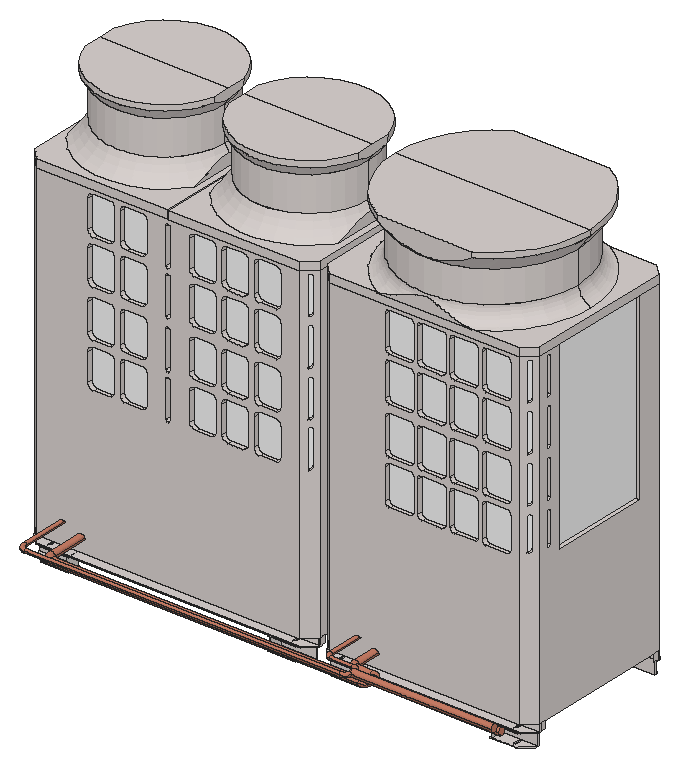
Revit family "PURY-EP650YSNW-A1", category 機械設備, Revit 2016 (continued)
Definition of nested family "PURY-EP300YNW-A1"
  Nested families
    nested 7: "ATTACHMENT LEG" at (374, 349, 0) x (-1, 0, 0) z (0, 0, 1), type "ATTACHMENT LEG"
  Connectors
    piping at (-217, -189, 176), diameter 22.2, driven by "Gas pipe_radius"
      settings: on Extrusion 18, index 3, connector inside diameter 22.2 mm, connector length 0.000 mm, flow factor 0, pipe flow 0.0 L/s, pressure drop 0.0 Pa, fitting loss kfactor 0, connector angle 0.00°, fixture units 0, engagement length 0.000 mm, angle of deflection 0.00°, flow configuration 0, flow direction 0, fitting loss method 0, system type 22, joint type 0, gender type 0, connector reference index -1, connector utility 0, adjustable connector no, is connector primary yes, connector description "Refrigerant service valve (gas)"
    piping at (-300, -172, 176), diameter 9.52, driven by "Liquid pipe_radius"
      settings: on Extrusion 19, index 4, connector inside diameter 9.52 mm, connector length 0.000 mm, flow factor 0, pipe flow 0.0 L/s, pressure drop 0.0 Pa, fitting loss kfactor 0, connector angle 0.00°, fixture units 0, engagement length 0.000 mm, angle of deflection 0.00°, flow configuration 0, flow direction 0, fitting loss method 0, system type 22, joint type 0, gender type 0, connector reference index -1, connector utility 0, adjustable connector no, is connector primary no, connector description "Refrigerant service valve (Liquid)"
    electrical at (0, -370, 808)
      settings: on cut or joined group of Extrusion 1, Extrusion 2, Extrusion 3, Extrusion 4, Extrusion 5, Extrusion 6, Extrusion 7, Extrusion 8, Extrusion 9, Extrusion 10, Extrusion 11, Extrusion 12, Extrusion 13, Extrusion 14, Extrusion 15, Extrusion 16, Extrusion 17, Extrusion 20, Extrusion 21, Extrusion 22, Extrusion 23, Extrusion 24, Extrusion 25, Extrusion 26, Extrusion 27, Extrusion 28, Extrusion 29, Extrusion 30, Extrusion 31, Extrusion 32, index 5, voltage 415 V, apparent load 0 VA, apparent load phase1 0 VA, apparent load phase2 0 VA, apparent load phase3 0 VA, power factor 1, load classification none, number of poles 3, system type 30, power factor state 1, is connector primary yes, connector utility no, sub classification motor no, connector description ""
  Definition of nested family "FAN GUARD"
    Parameters
      WIDTH [instance] = 920.000 mm
    Reference planes
      plane 1 "中心(正面/背面)": y = 0
      plane 2: z = 0
      plane 3 "中心(左/右)": x = 0
      plane 4 "ファンガード基準面": z = 660
      plane 5: y = 370
      plane 6: y = -370
      plane 7: x = 460
      plane 8: x = -460
      plane 9 "ファンガード基準上面": z = 694
      plane 10 "ファンガード上面": z = 997
    Forms (mm)
      Extrusion 1, solid
        sketch origin (0, 0, 660) x (-1, 0, 0) y (0, -1, 0)
          loop
            line (410, -370) -> (460, -320) -> (460, 320) -> (410, 370) -> (-410, 370) -> (-460, 320) -> (-460, -320) -> (-410, -370) -> (410, -370)
        from 0 to 34
      Revolve 2, solid
        sketch origin (0, 0, 0) x (1, 0, 0) y (0, 0, 1)
          loop
            line (0, 694) -> (0, 997) -> (-423, 997) -> (-423, 973) -> (-368.829, 903.664) -> (-368.829, 764.141)
            arc (-368.829, 764.141) -> (-384.109, 719.678) -> (-423.494, 694) r 72.332
            line (-423.494, 694) -> (0, 694)
          axis (0, 997) -> (0, 694)
        angle from 0 to 360
      Extrusion 3, void
        sketch origin (0, 0, 694) x (-1, 0, 0) y (0, -1, 0)
          loop
            line (345, -370) -> (-345, -370) -> (-345, -545) -> (345, -545) -> (345, -370)
          loop
            line (345, 370) -> (345, 539.592) -> (-345, 539.592) -> (-345, 370) -> (345, 370)
        from 0 to 400
    Cuts and joins
      Extrusion 3 cuts Revolve 2
    Lines and regions (mm)
      model lines
        curve 1: line (-423, 0, 997) -> (-80, 0, 997)
        curve 2: line (80, 0, 997) -> (423, 0, 997)
        curve 3: circle (0, 0, 997) r 80 normal (0, 0, 1)
        curve 4: line (-415.366, -80, 997) -> (415.366, -80, 997)
        curve 5: line (-391.572, -160, 997) -> (391.572, -160, 997)
        curve 6: line (-348.323, -240, 997) -> (348.323, -240, 997)
        curve 7: line (-276.639, -320, 997) -> (276.639, -320, 997)
        curve 8: line (-415.366, 80, 997) -> (415.366, 80, 997)
        curve 9: line (-391.572, 160, 997) -> (391.572, 160, 997)
        curve 10: line (-348.323, 240, 997) -> (348.323, 240, 997)
        curve 11: line (-276.639, 320, 997) -> (276.639, 320, 997)
        curve 12: line (0, 370, 997) -> (0, -370, 997)
        curve 13: line (-20, 370, 997) -> (-20, -370, 997)
        curve 14: line (-40, 370, 997) -> (-40, -370, 997)
        curve 15: line (-60, 370, 997) -> (-60, -370, 997)
        curve 16: line (-80, 370, 997) -> (-80, -370, 997)
        curve 17: line (20, 370, 997) -> (20, -370, 997)
        curve 18: line (40, 370, 997) -> (40, -370, 997)
        curve 19: line (60, 370, 997) -> (60, -370, 997)
        curve 20: line (80, 370, 997) -> (80, -370, 997)
        curve 21: line (100, 370, 997) -> (100, -370, 997)
        curve 22: line (120, 370, 997) -> (120, -370, 997)
        curve 23: line (140, 370, 997) -> (140, -370, 997)
        curve 24: line (160, 370, 997) -> (160, -370, 997)
        curve 25: line (180, 370, 997) -> (180, -370, 997)
        curve 26: line (200, 370, 997) -> (200, -370, 997)
        curve 27: line (220, 361.288, 997) -> (220, -361.288, 997)
        curve 28: line (240, 348.323, 997) -> (240, -348.323, 997)
        curve 29: line (260, 333.66, 997) -> (260, -333.66, 997)
        curve 30: line (280, 317.063, 997) -> (280, -317.063, 997)
        curve 31: line (300, 298.21, 997) -> (300, -298.21, 997)
        curve 32: line (320, 276.639, 997) -> (320, -276.639, 997)
        curve 33: line (340, 251.653, 997) -> (340, -251.653, 997)
        curve 34: line (360, 222.101, 997) -> (360, -222.101, 997)
        curve 35: line (380, 185.82, 997) -> (380, -185.82, 997)
        curve 36: line (400, 137.583, 997) -> (400, -137.583, 997)
        curve 37: line (420, 50.289, 997) -> (420, -50.289, 997)
        curve 38: line (-100, 370, 997) -> (-100, -370, 997)
        curve 39: line (-120, 370, 997) -> (-120, -370, 997)
        curve 40: line (-140, 370, 997) -> (-140, -370, 997)
        curve 41: line (-160, 370, 997) -> (-160, -370, 997)
        curve 42: line (-180, 370, 997) -> (-180, -370, 997)
        curve 43: line (-200, 370, 997) -> (-200, -370, 997)
        curve 44: line (-220, 361.288, 997) -> (-220, -361.288, 997)
        curve 45: line (-240, 348.323, 997) -> (-240, -348.323, 997)
        curve 46: line (-260, 333.66, 997) -> (-260, -333.66, 997)
        curve 47: line (-280, 317.063, 997) -> (-280, -317.063, 997)
        curve 48: line (-300, 298.21, 997) -> (-300, -298.21, 997)
        curve 49: line (-320, 276.639, 997) -> (-320, -276.639, 997)
        curve 50: line (-340, 251.653, 997) -> (-340, -251.653, 997)
        curve 51: line (-360, 222.101, 997) -> (-360, -222.101, 997)
        curve 52: line (-380, 185.82, 997) -> (-380, -185.82, 997)
        curve 53: line (-400, 137.583, 997) -> (-400, -137.583, 997)
        curve 54: line (-420, 50.289, 997) -> (-420, -50.289, 997)
        curve 55: line (10, 79.373, 997) -> (10, -79.373, 997)
        curve 56: line (-10, 79.373, 997) -> (-10, -79.373, 997)
        curve 57: line (30, 74.162, 997) -> (30, -74.162, 997)
        curve 58: line (50, 62.45, 997) -> (50, -62.45, 997)
        curve 59: line (70, 38.73, 997) -> (70, -38.73, 997)
        curve 60: line (-30, 74.162, 997) -> (-30, -74.162, 997)
        curve 61: line (-50, 62.45, 997) -> (-50, -62.45, 997)
        curve 62: line (-70, 38.73, 997) -> (-70, -38.73, 997)
    Dimensions and locks
      "WIDTH": plane 8 to plane 7
      locked: plane 6 to plane 5 at 740
      equal spacing: plane 8, plane 3 "中心(左/右)", plane 7
      equal spacing: plane 6, plane 1 "中心(正面/背面)", plane 5
      plane 3 "中心(左/右)" to Revolve 2 sketch curve = 423.000 mm
      locked: plane 10 "ファンガード上面" to plane 9 "ファンガード基準上面" at 303
      aligned and locked: level to plane 2
      aligned and locked: plane 5 to Extrusion 1 sketch curve
      aligned and locked: Extrusion 1 sketch curve to plane 6
      aligned and locked: plane 8 to Extrusion 1 sketch curve
      aligned and locked: plane 7 to Extrusion 1 sketch curve
      aligned and locked: plane 9 "ファンガード基準上面" to Extrusion 1
      aligned and locked: plane 4 "ファンガード基準面" to Extrusion 1
      aligned and locked: plane 9 "ファンガード基準上面" to Revolve 2 sketch curve
      aligned and locked: Revolve 2 sketch curve to plane 3 "中心(左/右)"
      aligned and locked: Extrusion 1 to Extrusion 3 sketch curve
      aligned and locked: Extrusion 3 sketch curve to Extrusion 1
      aligned and locked: cut or joined group of Revolve 2, Extrusion 3 to plane 10 "ファンガード上面"
    Automatic sketch dimensions
      Extrusion 1 sketch curve to plane 7 = 50.000 mm  (x2)
      plane 8 to Extrusion 1 sketch curve = 50.000 mm  (x2)
      plane 5 to Extrusion 1 sketch curve = 50.000 mm  (x2)
      Extrusion 1 sketch curve to plane 6 = 50.000 mm  (x2)
      plane 3 "中心(左/右)" to Extrusion 3 sketch curve = 345.000 mm  (x2)
      Extrusion 3 sketch curve to plane 3 "中心(左/右)" = 345.000 mm  (x2)
      Extrusion 3 sketch curve to Extrusion 3 sketch curve = 175.000 mm
      Extrusion 3 sketch curve to Extrusion 3 sketch curve = 169.592 mm
      plane 1 "中心(正面/背面)" to curve 2 = 0.000 mm
      plane 1 "中心(正面/背面)" to curve 3 = 0.000 mm
      curve 3 to plane 3 "中心(左/右)" = 0.000 mm
      curve 12 to plane 3 "中心(左/右)" = 0.000 mm
      plane 1 "中心(正面/背面)" to curve 1 = 0.000 mm
      plane 3 "中心(左/右)" to curve 55 = 10.000 mm
      curve 17 to curve 12 = 20.000 mm
      curve 57 to curve 55 = 20.000 mm
      curve 18 to curve 17 = 20.000 mm
      curve 58 to curve 57 = 20.000 mm
      curve 19 to curve 18 = 20.000 mm
      curve 59 to curve 58 = 20.000 mm
      curve 20 to curve 19 = 20.000 mm
      curve 2 to curve 59 = 10.000 mm
      curve 21 to curve 20 = 20.000 mm
      curve 22 to curve 21 = 20.000 mm
      curve 23 to curve 22 = 20.000 mm
      curve 24 to curve 23 = 20.000 mm
      curve 25 to curve 24 = 20.000 mm
      curve 26 to curve 25 = 20.000 mm
      curve 27 to curve 26 = 20.000 mm
      curve 28 to curve 27 = 20.000 mm
      curve 29 to curve 28 = 20.000 mm
      curve 11 to curve 29 = 16.639 mm
      curve 7 to curve 29 = 16.639 mm
      curve 30 to curve 7 = 3.361 mm
      curve 31 to curve 30 = 20.000 mm
      curve 32 to curve 31 = 20.000 mm
      curve 33 to curve 32 = 20.000 mm
      curve 6 to curve 33 = 8.323 mm
      curve 10 to curve 33 = 8.323 mm
      curve 34 to curve 10 = 11.677 mm
      curve 35 to curve 34 = 20.000 mm
      curve 9 to curve 35 = 11.572 mm
      curve 5 to curve 35 = 11.572 mm
      curve 36 to curve 9 = 8.428 mm
      curve 8 to curve 36 = 15.366 mm
      curve 4 to curve 36 = 15.366 mm
      curve 37 to curve 8 = 4.634 mm
      curve 2 to curve 37 = 3.000 mm
      curve 56 to plane 3 "中心(左/右)" = 10.000 mm
      curve 13 to plane 3 "中心(左/右)" = 20.000 mm
      curve 56 to curve 60 = 20.000 mm
      curve 13 to curve 14 = 20.000 mm
      curve 60 to curve 61 = 20.000 mm
      curve 14 to curve 15 = 20.000 mm
      curve 61 to curve 62 = 20.000 mm
      curve 15 to curve 16 = 20.000 mm
      curve 16 to curve 38 = 20.000 mm
      curve 38 to curve 39 = 20.000 mm
      curve 39 to curve 40 = 20.000 mm
      curve 40 to curve 41 = 20.000 mm
      curve 41 to curve 42 = 20.000 mm
      curve 42 to curve 43 = 20.000 mm
      curve 43 to curve 44 = 20.000 mm
      curve 44 to curve 45 = 20.000 mm
      curve 45 to curve 46 = 20.000 mm
      curve 46 to curve 7 = 16.639 mm
      curve 46 to curve 11 = 16.639 mm
      curve 7 to curve 47 = 3.361 mm
      curve 47 to curve 48 = 20.000 mm
      curve 48 to curve 49 = 20.000 mm
      curve 49 to curve 50 = 20.000 mm
      curve 50 to curve 6 = 8.323 mm
      curve 50 to curve 10 = 8.323 mm
      curve 10 to curve 51 = 11.677 mm
      curve 51 to curve 52 = 20.000 mm
      curve 52 to curve 9 = 11.572 mm
      curve 52 to curve 5 = 11.572 mm
      curve 5 to curve 53 = 8.428 mm
      curve 53 to curve 4 = 15.366 mm
      curve 53 to curve 8 = 15.366 mm
      curve 4 to curve 54 = 4.634 mm
      curve 54 to curve 1 = 3.000 mm
      curve 8 to plane 1 "中心(正面/背面)" = 80.000 mm
      curve 36 to curve 8 = 57.583 mm
      curve 53 to curve 8 = 57.583 mm
      curve 9 to curve 36 = 22.417 mm
      curve 52 to curve 9 = 25.820 mm
      curve 35 to curve 9 = 25.820 mm
      curve 51 to curve 52 = 36.282 mm
      curve 34 to curve 35 = 36.282 mm
      curve 10 to curve 51 = 17.899 mm
      curve 33 to curve 10 = 11.653 mm
      curve 50 to curve 10 = 11.653 mm
      curve 49 to curve 50 = 24.986 mm
      curve 32 to curve 33 = 24.986 mm
      curve 48 to curve 49 = 21.571 mm
      curve 31 to curve 32 = 21.571 mm
      curve 47 to curve 48 = 18.853 mm
      curve 30 to curve 31 = 18.853 mm
      curve 11 to curve 30 = 2.937 mm
      curve 29 to curve 11 = 13.660 mm
      curve 46 to curve 11 = 13.660 mm
      curve 28 to curve 29 = 14.663 mm
      curve 45 to curve 46 = 14.663 mm
      curve 44 to curve 45 = 12.965 mm
      curve 27 to curve 28 = 12.965 mm
      curve 12 to curve 27 = 8.712 mm
      curve 12 to curve 21 = 0.000 mm
      curve 13 to curve 12 = 0.000 mm
      curve 14 to curve 13 = 0.000 mm  (x2)
      curve 12 to curve 18 = 0.000 mm
      curve 21 to curve 23 = 0.000 mm
      curve 43 to curve 44 = 8.712 mm
      curve 23 to curve 24 = 0.000 mm  (x2)
      curve 43 to curve 42 = 0.000 mm  (x2)
      curve 24 to curve 25 = 0.000 mm  (x2)
      curve 42 to curve 41 = 0.000 mm  (x2)
      curve 25 to curve 26 = 0.000 mm  (x2)
      curve 41 to curve 40 = 0.000 mm  (x2)
      curve 20 to curve 21 = 0.000 mm  (x2)
      curve 40 to curve 39 = 0.000 mm  (x2)
      curve 15 to curve 14 = 0.000 mm
      curve 39 to curve 38 = 0.000 mm
      curve 38 to curve 16 = 0.000 mm  (x2)
      curve 18 to curve 19 = 0.000 mm  (x2)
      curve 12 to curve 17 = 0.000 mm  (x2)
      curve 21 to curve 22 = 0.000 mm  (x2)
      curve 8 to curve 37 = 29.711 mm
      curve 8 to curve 54 = 29.711 mm
      plane 1 "中心(正面/背面)" to curve 37 = 50.289 mm
      plane 1 "中心(正面/背面)" to curve 54 = 50.289 mm
      curve 37 to curve 4 = 29.711 mm
      curve 4 to curve 36 = 57.583 mm
      curve 4 to curve 53 = 57.583 mm
      curve 36 to curve 5 = 22.417 mm
      curve 5 to curve 52 = 25.820 mm
      curve 5 to curve 35 = 25.820 mm
      curve 35 to curve 34 = 36.282 mm
      curve 52 to curve 51 = 36.282 mm
      curve 51 to curve 6 = 17.899 mm
      curve 6 to curve 50 = 11.653 mm
      curve 6 to curve 33 = 11.653 mm
      curve 50 to curve 49 = 24.986 mm
      curve 33 to curve 32 = 24.986 mm
      curve 49 to curve 48 = 21.571 mm
      curve 32 to curve 31 = 21.571 mm
      curve 48 to curve 47 = 18.853 mm
      curve 31 to curve 30 = 18.853 mm
      curve 30 to curve 7 = 2.937 mm
      curve 7 to curve 46 = 13.660 mm
      curve 7 to curve 29 = 13.660 mm
      curve 29 to curve 28 = 14.663 mm
      curve 46 to curve 45 = 14.663 mm
      curve 45 to curve 44 = 12.965 mm
      curve 28 to curve 27 = 12.965 mm
      curve 44 to curve 13 = 8.712 mm
      curve 27 to curve 23 = 8.712 mm
      curve 15 to curve 13 = 0.000 mm
      curve 44 to curve 42 = 8.712 mm
      curve 16 to curve 15 = 0.000 mm
      curve 22 to curve 23 = 0.000 mm
      curve 13 to curve 17 = 0.000 mm
      curve 17 to curve 19 = 0.000 mm
      Revolve 2 sketch curve to plane 3 "中心(左/右)" = 0.000 mm
      Revolve 2 sketch curve to plane 10 "ファンガード上面" = 0.000 mm
      plane 9 "ファンガード基準上面" to Revolve 2 sketch curve = 70.141 mm
      Revolve 2 sketch curve to Revolve 2 sketch curve = 18.161 mm
      Revolve 2 sketch curve to level = 1700.815 mm
      Revolve 2 sketch curve to plane 10 "ファンガード上面" = 93.336 mm
      Revolve 2 sketch curve to plane 10 "ファンガード上面" = 24.000 mm
      Revolve 2 sketch curve to Revolve 2 sketch curve = 790.769 mm
      Revolve 2 sketch curve to Revolve 2 sketch curve = 17.668 mm
  Definition of nested family "BASE LEG"
    Parameters
      Width [instance] = 920.000 mm
    Reference planes
      plane 1 "中心(正面/背面)": y = 0
      plane 2: z = 0
      plane 3 "中心(左/右)": x = 0
      plane 4: x = 460
      plane 5: x = -460
      plane 6: x = -380
      plane 7: x = 380
      plane 8: y = -18
      plane 9: y = 39
      plane 10: z = 53
      plane 11: y = 42
      plane 12: y = 27
      plane 13: x = 415
      plane 14: x = -415
      plane 15: z = 8
      plane 16: y = 11.5
      plane 17: z = 35
    Forms (mm)
      Extrusion 1, solid
        sketch origin (0, 0, 0) x (0, 1, 0) y (0, 0, 1)
          loop
            line (-18, 0) -> (36, 0) -> (36, 32) -> (56, 32) -> (56, 35) -> (33, 35) -> (33, 3) -> (-18, 3) -> (-18, 0)
        from -460 to 460
      Extrusion 2, void
        sketch origin (0, 0, 0) x (1, 0, 0) y (0, 1, 0)
          loop
            line (415, -18) -> (460, -18) -> (460, 27) -> (415, -18)
          loop
            line (-415, -18) -> (-460, 27) -> (-460, -18) -> (-415, -18)
        from 0 to 250
      Extrusion 3, void
        sketch origin (0, 12.023, 0) x (1, 0, 0) y (0, 1, 0)
          loop
            arc (373, -2.971) -> (380, -9.971) -> (387, -2.971) r 7
            line (387, -2.971) -> (387, 3.023)
            arc (387, 3.023) -> (380, 10.023) -> (373, 3.023) r 7
            line (373, 3.023) -> (373, -2.971)
          loop
            line (-373, -2.971) -> (-373, 3.023)
            arc (-373, 3.023) -> (-380, 10.023) -> (-387, 3.023) r 7
            line (-387, 3.023) -> (-387, -2.971)
            arc (-387, -2.971) -> (-380, -9.971) -> (-373, -2.971) r 7
        from 0 to 250
      Extrusion 4, solid
        sketch origin (0, 0, -3) x (1, 0, 0) y (0, 0, 1)
          loop
            line (457, 8) -> (460, 8) -> (460, 35) -> (457, 35) -> (457, 8)
          loop
            line (-457, 8) -> (-457, 35) -> (-460, 35) -> (-460, 8) -> (-457, 8)
        from -36 to -56
      Extrusion 5, solid
        sketch origin (150, 352, 0) x (1, 0, 0) y (0, 1, 0)
          loop
            line (310, -319) -> (305, -319) -> (305, -320) -> (255, -370) -> (260, -370) -> (310, -320) -> (310, -319)
        from 3 to 35
      Extrusion 6, void
        sketch origin (410, -18, 0) x (0.707107, 0.707107, 0) y (0, 0, 1)
          loop
            line (70.711, 3) -> (-6.741, 39.767) -> (-6.741, 3) -> (70.711, 3)
        from -190.256 to 23.776
      Extrusion 7, solid
        sketch origin (-150, 352, 0) x (-1, 0, 0) y (0, -1, 0)
          loop
            line (310, 319) -> (310, 320) -> (260, 370) -> (255, 370) -> (305, 320) -> (305, 319) -> (310, 319)
        from 3 to 35
      Extrusion 8, void
        sketch origin (-410, -18, 0) x (0.707107, -0.707107, 0) y (0, 0, -1)
          loop
            line (-70.711, -3) -> (0, -35) -> (6.741, -35) -> (6.741, -3) -> (-70.711, -3)
        from -190.256 to 23.776
    Cuts and joins
      Extrusion 2, Extrusion 3 cuts Extrusion 1
      joined: Extrusion 1, Extrusion 4
      Extrusion 8 cuts Extrusion 7
      Extrusion 6 cuts Extrusion 5
    Dimensions and locks
      "Width": plane 5 to plane 4
      equal spacing: plane 5, plane 3 "中心(左/右)", plane 4
      locked: plane 5 to plane 6 at 80
      locked: plane 7 to plane 4 at 80
      locked: plane 8 to plane 9 at 57
      locked: plane 10 to level at 53
      locked: plane 9 to plane 11 at 3
      plane 8 to plane 12 = 45.000 mm
      locked: plane 13 to plane 4 at 45
      locked: plane 5 to plane 14 at 45
      equal spacing: Extrusion 3 sketch curve, plane 7, Extrusion 3 sketch curve
      equal spacing: Extrusion 3 sketch curve, plane 6, Extrusion 3 sketch curve
      locked: plane 10 to plane 15 at 45
      locked: cut or joined group of Extrusion 1, Extrusion 2, Extrusion 3, Extrusion 4 to Extrusion 4 sketch curve at 3  (x2)
      locked: plane 8 to plane 16 at 29.5
      plane 8 to plane 11 = 60.000 mm
      cut or joined group of Extrusion 1, Extrusion 2, Extrusion 3, Extrusion 4 to cut or joined group of Extrusion 1, Extrusion 2, Extrusion 3, Extrusion 4 = 35.000 mm
      aligned and locked: level to plane 2
      aligned and locked: plane 8 to Extrusion 1 sketch curve
      aligned and locked: plane 4 to Extrusion 1
      aligned and locked: Extrusion 1 to plane 5
      aligned and locked: Extrusion 2 sketch curve to plane 4
      aligned and locked: Extrusion 2 sketch curve to plane 8
      aligned and locked: plane 12 to Extrusion 2 sketch curve
      aligned and locked: plane 13 to Extrusion 2 sketch curve
      aligned and locked: plane 4 to Extrusion 4 sketch curve
      aligned and locked: plane 5 to Extrusion 4 sketch curve
      aligned and locked: cut or joined group of Extrusion 7, Extrusion 8 to cut or joined group of Extrusion 1, Extrusion 2, Extrusion 3, Extrusion 4
    Automatic sketch dimensions
      Extrusion 3 sketch curve to plane 1 "中心(正面/背面)" = 9.052 mm  (x2)
      Extrusion 3 sketch curve to plane 7 = 7.000 mm
      Extrusion 3 sketch curve to plane 1 "中心(正面/背面)" = 15.046 mm  (x2)
      Extrusion 3 sketch curve to plane 6 = 7.000 mm
      Extrusion 2 sketch curve to plane 5 = 0.000 mm
      plane 8 to Extrusion 2 sketch curve = 0.000 mm
      Extrusion 2 sketch curve to plane 14 = 0.000 mm
      plane 12 to Extrusion 2 sketch curve = 0.000 mm
      Extrusion 4 sketch curve to plane 10 = 21.000 mm
      plane 7 to Extrusion 5 sketch curve = 25.000 mm
      Extrusion 5 sketch curve to Extrusion 5 sketch curve = 5.000 mm  (x2)
      plane 7 to Extrusion 5 sketch curve = 75.000 mm
      plane 8 to Extrusion 5 sketch curve = 0.000 mm
      Extrusion 5 sketch curve to Extrusion 5 sketch curve = 50.000 mm
      Extrusion 5 sketch curve to Extrusion 5 sketch curve = 0.000 mm
      Extrusion 5 sketch curve to Extrusion 5 sketch curve = 1.000 mm
      Extrusion 6 sketch curve to Extrusion 5 = 0.000 mm  (x2)
      Extrusion 6 sketch curve to Extrusion 5 = 6.741 mm
      Extrusion 6 sketch curve to Extrusion 5 = 4.767 mm
      plane 6 to Extrusion 7 sketch curve = 25.000 mm
      Extrusion 7 sketch curve to Extrusion 7 sketch curve = 5.000 mm  (x2)
      Extrusion 7 sketch curve to Extrusion 7 sketch curve = 45.000 mm
      Extrusion 7 sketch curve to plane 8 = 0.000 mm
      Extrusion 7 sketch curve to Extrusion 7 sketch curve = 50.000 mm
      Extrusion 7 sketch curve to Extrusion 7 sketch curve = 0.000 mm
      Extrusion 7 sketch curve to Extrusion 7 sketch curve = 1.000 mm
      Extrusion 8 sketch curve to Extrusion 7 = 0.000 mm  (x2)
      Extrusion 7 to Extrusion 8 sketch curve = 0.000 mm  (x2)
      Extrusion 7 to Extrusion 8 sketch curve = 6.741 mm
      Extrusion 4 sketch curve to plane 17 = 3.000 mm
      Extrusion 4 sketch curve to plane 15 = 3.000 mm  (x2)
      Extrusion 1 sketch curve to plane 17 = 0.000 mm
      Extrusion 1 sketch curve to level = 0.000 mm
      level to Extrusion 1 sketch curve = 3.000 mm
      plane 9 to Extrusion 1 sketch curve = 6.000 mm
      plane 9 to Extrusion 1 sketch curve = 3.000 mm
      Extrusion 1 sketch curve to plane 17 = 3.000 mm
      Extrusion 1 sketch curve to plane 11 = 14.000 mm
  Definition of nested family "ATTACHMENT LEG"
    Parameters
      Width = 145.000 mm
    Reference planes
      plane 1: z = 0
      plane 2 "中心(左/右)": x = -6
      plane 3: x = -52
      plane 4: x = 85
      plane 5: x = 93
      plane 6: y = -21
      plane 7: y = 27
      plane 8: x = -30
      plane 9: y = 39
      plane 10: z = 60
      plane 11: z = 57
      plane 12: z = 3
      plane 13: x = 82
      plane 14: y = 36
      plane 15: x = -75
      plane 16: y = 31
      plane 17 "幅": x = 93
      plane 18: y = 2.5
      plane 19: y = 21
      plane 20: y = -10
    Forms (mm)
      Extrusion 1, solid
        sketch origin (0, -1, 0) x (1, 0, 0) y (0, 1, 0)
          loop
            line (-75, 36) -> (-75, 27) -> (-28, -20) -> (93, -20) -> (93, 32) -> (85, 32) -> (85, 36) -> (-75, 36)
        from 0 to 60
      Extrusion 2, void
        sketch origin (0, -3, 0) x (1, 0, 0) y (0, 0, 1)
          loop
            line (-75, 57) -> (-75, 3) -> (82, 3) -> (82, 57) -> (-75, 57)
          loop
            line (93, 57) -> (85, 57) -> (85, 3) -> (93, 3) -> (93, 57)
        from -35 to 18
      Extrusion 3, void
        sketch origin (-6, 5.5, 0) x (1, 0, 0) y (0, 1, 0)
          loop
            arc (-7, -8.5) -> (0, -15.5) -> (7, -8.5) r 7
            line (7, -8.5) -> (7, 8.5)
            arc (7, 8.5) -> (0, 15.5) -> (-7, 8.5) r 7
            line (-7, 8.5) -> (-7, -8.5)
        from 0 to 60
    Cuts and joins
      Extrusion 2, Extrusion 3 cuts Extrusion 1
    Dimensions and locks
      locked: plane 3 to plane 4 at 137
      locked: plane 3 to plane 5 at 145
      plane 6 to plane 7 = 48.000 mm
      locked: plane 10 to level at 60
      Extrusion 3 sketch curve to plane 2 "中心(左/右)" = 7.000 mm
      locked: plane 15 to plane 2 "中心(左/右)" at 69
      locked: plane 15 to plane 8 at 45
      locked: plane 6 to plane 18 at 23.5
      cut or joined group of Extrusion 1, Extrusion 2, Extrusion 3 to cut or joined group of Extrusion 1, Extrusion 2, Extrusion 3 = 168.000 mm
      cut or joined group of Extrusion 1, Extrusion 2, Extrusion 3 to cut or joined group of Extrusion 1, Extrusion 2, Extrusion 3 = 56.000 mm  (x2)
      plane 14 to plane 6 = 57.000 mm
      aligned and locked: level to plane 1
      aligned and locked: Extrusion 1 sketch curve to plane 4
      aligned and locked: Extrusion 1 sketch curve to plane 5
      aligned: plane 8 to Extrusion 1 sketch curve
      aligned and locked: plane 10 to Extrusion 1
      aligned and locked: Extrusion 2 sketch curve to plane 11
      aligned: plane 3 to Extrusion 2 sketch curve
      aligned and locked: plane 12 to Extrusion 2 sketch curve
      aligned and locked: Extrusion 2 sketch curve to plane 13
      aligned and locked: plane 6 to Extrusion 2
      aligned and locked: plane 11 to Extrusion 2 sketch curve
      aligned and locked: plane 5 to Extrusion 2 sketch curve
      aligned and locked: Extrusion 2 sketch curve to plane 12
      aligned and locked: Extrusion 2 sketch curve to plane 4
      aligned and locked: plane 15 to Extrusion 1 sketch curve
      aligned and locked: Extrusion 2 sketch curve to cut or joined group of Extrusion 1, Extrusion 2, Extrusion 3
      aligned and locked: Extrusion 1 to plane 16
Definition of nested family "PURY-EP350YNW-A1"
  Parameters
    Model = "PUHY-P400YNW-A"
    URL = "http://www.mitsubishielectric.com/"
    Manufacturer = "Mitsubishi Electric Corporation"
    Liquid pipe_radius = 12.700 mm
    Gas pipe_radius = 14.290 mm
  Reference planes
    plane 1 "Center (Front/Back)": y = 0
    plane 2: z = 0
    plane 3 "Center (Left/Right)": x = 0
    plane 4: y = 370
    plane 5: z = 1858
    plane 6: y = -260
    plane 7: y = -204
    plane 8: y = -185
    plane 9: x = -620
    plane 10: x = 620
    plane 11: x = -620
    plane 12: z = 716
    plane 13: x = -524
    plane 14: z = 669
    plane 15: x = -50.5
    plane 16: x = 51
    plane 17: x = 489
    plane 18: x = 467
    plane 19 "132": x = 488
    plane 20 "100": z = 160
    plane 21: z = 185
    plane 22: x = 413
    plane 23: x = 364
    plane 24: z = 150
    plane 25: x = -287.25
    plane 26: x = -137.25
    plane 27: x = -272.25
    plane 28: y = -278
    plane 29: z = 1509
    plane 30: y = -370
    plane 31: x = -530
    plane 32: x = 530
    plane 33 "179": y = -191
  Forms (mm)
    Extrusion 1, solid
      sketch origin (-1, 0, 113) x (-1, 0, 0) y (0, -1, 0)
        loop
          line (569, -370) -> (619, -320) -> (619, 320) -> (569, 370) -> (-571, 370) -> (-621, 320) -> (-621, -320) -> (-571, -370) -> (569, -370)
      from -18 to 1408
    Extrusion 2, void
      sketch origin (524, -370, 113) x (1, 0, 0) y (0, 0, -1)
        loop
          arc (-60.8, -1393.5) -> (-42.557, -1385.943) -> (-35, -1367.7) r 25.8
          line (-35, -1367.7) -> (-35, -1248.5)
          arc (-35, -1248.5) -> (-42.557, -1230.257) -> (-60.8, -1222.7) r 25.8
          line (-60.8, -1222.7) -> (-126, -1222.7)
          arc (-126, -1222.7) -> (-144.243, -1230.257) -> (-151.8, -1248.5) r 25.8
          line (-151.8, -1248.5) -> (-151.8, -1367.7)
          arc (-151.8, -1367.7) -> (-144.243, -1385.943) -> (-126, -1393.5) r 25.8
          line (-126, -1393.5) -> (-60.8, -1393.5)
      from 0 to 20
    Extrusion 3, void
      sketch origin (524, -370, -81) x (1, 0, 0) y (0, 0, -1)
        loop
          arc (-60.8, -1393.5) -> (-42.557, -1385.943) -> (-35, -1367.7) r 25.8
          line (-35, -1367.7) -> (-35, -1248.5)
          arc (-35, -1248.5) -> (-42.557, -1230.257) -> (-60.8, -1222.7) r 25.8
          line (-60.8, -1222.7) -> (-126, -1222.7)
          arc (-126, -1222.7) -> (-144.243, -1230.257) -> (-151.8, -1248.5) r 25.8
          line (-151.8, -1248.5) -> (-151.8, -1367.7)
          arc (-151.8, -1367.7) -> (-144.243, -1385.943) -> (-126, -1393.5) r 25.8
          line (-126, -1393.5) -> (-60.8, -1393.5)
      from 0 to 20
    Extrusion 4, void
      sketch origin (524, -370, -287) x (1, 0, 0) y (0, 0, -1)
        loop
          arc (-60.8, -1393.5) -> (-42.557, -1385.943) -> (-35, -1367.7) r 25.8
          line (-35, -1367.7) -> (-35, -1248.5)
          arc (-35, -1248.5) -> (-42.557, -1230.257) -> (-60.8, -1222.7) r 25.8
          line (-60.8, -1222.7) -> (-126, -1222.7)
          arc (-126, -1222.7) -> (-144.243, -1230.257) -> (-151.8, -1248.5) r 25.8
          line (-151.8, -1248.5) -> (-151.8, -1367.7)
          arc (-151.8, -1367.7) -> (-144.243, -1385.943) -> (-126, -1393.5) r 25.8
          line (-126, -1393.5) -> (-60.8, -1393.5)
      from 0 to 20
    Extrusion 5, void
      sketch origin (524, -370, -481) x (1, 0, 0) y (0, 0, -1)
        loop
          arc (-60.8, -1393.5) -> (-42.557, -1385.943) -> (-35, -1367.7) r 25.8
          line (-35, -1367.7) -> (-35, -1248.5)
          arc (-35, -1248.5) -> (-42.557, -1230.257) -> (-60.8, -1222.7) r 25.8
          line (-60.8, -1222.7) -> (-126, -1222.7)
          arc (-126, -1222.7) -> (-144.243, -1230.257) -> (-151.8, -1248.5) r 25.8
          line (-151.8, -1248.5) -> (-151.8, -1367.7)
          arc (-151.8, -1367.7) -> (-144.243, -1385.943) -> (-126, -1393.5) r 25.8
          line (-126, -1393.5) -> (-60.8, -1393.5)
      from 0 to 20
    Extrusion 6, void
      sketch origin (384, -370, 113) x (1, 0, 0) y (0, 0, -1)
        loop
          arc (-60.8, -1393.5) -> (-42.557, -1385.943) -> (-35, -1367.7) r 25.8
          line (-35, -1367.7) -> (-35, -1248.5)
          arc (-35, -1248.5) -> (-42.557, -1230.257) -> (-60.8, -1222.7) r 25.8
          line (-60.8, -1222.7) -> (-126, -1222.7)
          arc (-126, -1222.7) -> (-144.243, -1230.257) -> (-151.8, -1248.5) r 25.8
          line (-151.8, -1248.5) -> (-151.8, -1367.7)
          arc (-151.8, -1367.7) -> (-144.243, -1385.943) -> (-126, -1393.5) r 25.8
          line (-126, -1393.5) -> (-60.8, -1393.5)
      from 0 to 20
    Extrusion 7, void
      sketch origin (384, -370, -81) x (1, 0, 0) y (0, 0, -1)
        loop
          arc (-60.8, -1393.5) -> (-42.557, -1385.943) -> (-35, -1367.7) r 25.8
          line (-35, -1367.7) -> (-35, -1248.5)
          arc (-35, -1248.5) -> (-42.557, -1230.257) -> (-60.8, -1222.7) r 25.8
          line (-60.8, -1222.7) -> (-126, -1222.7)
          arc (-126, -1222.7) -> (-144.243, -1230.257) -> (-151.8, -1248.5) r 25.8
          line (-151.8, -1248.5) -> (-151.8, -1367.7)
          arc (-151.8, -1367.7) -> (-144.243, -1385.943) -> (-126, -1393.5) r 25.8
          line (-126, -1393.5) -> (-60.8, -1393.5)
      from 0 to 20
    Extrusion 8, void
      sketch origin (384, -370, -287) x (1, 0, 0) y (0, 0, -1)
        loop
          arc (-60.8, -1393.5) -> (-42.557, -1385.943) -> (-35, -1367.7) r 25.8
          line (-35, -1367.7) -> (-35, -1248.5)
          arc (-35, -1248.5) -> (-42.557, -1230.257) -> (-60.8, -1222.7) r 25.8
          line (-60.8, -1222.7) -> (-126, -1222.7)
          arc (-126, -1222.7) -> (-144.243, -1230.257) -> (-151.8, -1248.5) r 25.8
          line (-151.8, -1248.5) -> (-151.8, -1367.7)
          arc (-151.8, -1367.7) -> (-144.243, -1385.943) -> (-126, -1393.5) r 25.8
          line (-126, -1393.5) -> (-60.8, -1393.5)
      from 0 to 20
    Extrusion 9, void
      sketch origin (384, -370, -481) x (1, 0, 0) y (0, 0, -1)
        loop
          arc (-60.8, -1393.5) -> (-42.557, -1385.943) -> (-35, -1367.7) r 25.8
          line (-35, -1367.7) -> (-35, -1248.5)
          arc (-35, -1248.5) -> (-42.557, -1230.257) -> (-60.8, -1222.7) r 25.8
          line (-60.8, -1222.7) -> (-126, -1222.7)
          arc (-126, -1222.7) -> (-144.243, -1230.257) -> (-151.8, -1248.5) r 25.8
          line (-151.8, -1248.5) -> (-151.8, -1367.7)
          arc (-151.8, -1367.7) -> (-144.243, -1385.943) -> (-126, -1393.5) r 25.8
          line (-126, -1393.5) -> (-60.8, -1393.5)
      from 0 to 20
    Extrusion 10, void
      sketch origin (244, -370, 113) x (1, 0, 0) y (0, 0, -1)
        loop
          arc (-60.8, -1393.5) -> (-42.557, -1385.943) -> (-35, -1367.7) r 25.8
          line (-35, -1367.7) -> (-35, -1248.5)
          arc (-35, -1248.5) -> (-42.557, -1230.257) -> (-60.8, -1222.7) r 25.8
          line (-60.8, -1222.7) -> (-126, -1222.7)
          arc (-126, -1222.7) -> (-144.243, -1230.257) -> (-151.8, -1248.5) r 25.8
          line (-151.8, -1248.5) -> (-151.8, -1367.7)
          arc (-151.8, -1367.7) -> (-144.243, -1385.943) -> (-126, -1393.5) r 25.8
          line (-126, -1393.5) -> (-60.8, -1393.5)
      from 0 to 20
    Extrusion 11, void
      sketch origin (244, -370, -81) x (1, 0, 0) y (0, 0, -1)
        loop
          arc (-60.8, -1393.5) -> (-42.557, -1385.943) -> (-35, -1367.7) r 25.8
          line (-35, -1367.7) -> (-35, -1248.5)
          arc (-35, -1248.5) -> (-42.557, -1230.257) -> (-60.8, -1222.7) r 25.8
          line (-60.8, -1222.7) -> (-126, -1222.7)
          arc (-126, -1222.7) -> (-144.243, -1230.257) -> (-151.8, -1248.5) r 25.8
          line (-151.8, -1248.5) -> (-151.8, -1367.7)
          arc (-151.8, -1367.7) -> (-144.243, -1385.943) -> (-126, -1393.5) r 25.8
          line (-126, -1393.5) -> (-60.8, -1393.5)
      from 0 to 20
    Extrusion 12, void
      sketch origin (244, -370, -287) x (1, 0, 0) y (0, 0, -1)
        loop
          arc (-60.8, -1393.5) -> (-42.557, -1385.943) -> (-35, -1367.7) r 25.8
          line (-35, -1367.7) -> (-35, -1248.5)
          arc (-35, -1248.5) -> (-42.557, -1230.257) -> (-60.8, -1222.7) r 25.8
          line (-60.8, -1222.7) -> (-126, -1222.7)
          arc (-126, -1222.7) -> (-144.243, -1230.257) -> (-151.8, -1248.5) r 25.8
          line (-151.8, -1248.5) -> (-151.8, -1367.7)
          arc (-151.8, -1367.7) -> (-144.243, -1385.943) -> (-126, -1393.5) r 25.8
          line (-126, -1393.5) -> (-60.8, -1393.5)
      from 0 to 20
    Extrusion 13, void
      sketch origin (244, -370, -481) x (1, 0, 0) y (0, 0, -1)
        loop
          arc (-60.8, -1393.5) -> (-42.557, -1385.943) -> (-35, -1367.7) r 25.8
          line (-35, -1367.7) -> (-35, -1248.5)
          arc (-35, -1248.5) -> (-42.557, -1230.257) -> (-60.8, -1222.7) r 25.8
          line (-60.8, -1222.7) -> (-126, -1222.7)
          arc (-126, -1222.7) -> (-144.243, -1230.257) -> (-151.8, -1248.5) r 25.8
          line (-151.8, -1248.5) -> (-151.8, -1367.7)
          arc (-151.8, -1367.7) -> (-144.243, -1385.943) -> (-126, -1393.5) r 25.8
          line (-126, -1393.5) -> (-60.8, -1393.5)
      from 0 to 20
    Extrusion 14, void
      sketch origin (-56, -370, 113) x (1, 0, 0) y (0, 0, -1)
        loop
          arc (-60.8, -1393.5) -> (-42.557, -1385.943) -> (-35, -1367.7) r 25.8
          line (-35, -1367.7) -> (-35, -1248.5)
          arc (-35, -1248.5) -> (-42.557, -1230.257) -> (-60.8, -1222.7) r 25.8
          line (-60.8, -1222.7) -> (-126, -1222.7)
          arc (-126, -1222.7) -> (-144.243, -1230.257) -> (-151.8, -1248.5) r 25.8
          line (-151.8, -1248.5) -> (-151.8, -1367.7)
          arc (-151.8, -1367.7) -> (-144.243, -1385.943) -> (-126, -1393.5) r 25.8
          line (-126, -1393.5) -> (-60.8, -1393.5)
      from 0 to 20
    Extrusion 15, void
      sketch origin (-56, -370, -81) x (1, 0, 0) y (0, 0, -1)
        loop
          arc (-60.8, -1393.5) -> (-42.557, -1385.943) -> (-35, -1367.7) r 25.8
          line (-35, -1367.7) -> (-35, -1248.5)
          arc (-35, -1248.5) -> (-42.557, -1230.257) -> (-60.8, -1222.7) r 25.8
          line (-60.8, -1222.7) -> (-126, -1222.7)
          arc (-126, -1222.7) -> (-144.243, -1230.257) -> (-151.8, -1248.5) r 25.8
          line (-151.8, -1248.5) -> (-151.8, -1367.7)
          arc (-151.8, -1367.7) -> (-144.243, -1385.943) -> (-126, -1393.5) r 25.8
          line (-126, -1393.5) -> (-60.8, -1393.5)
      from 0 to 20
    Extrusion 16, void
      sketch origin (-56, -370, -287) x (1, 0, 0) y (0, 0, -1)
        loop
          arc (-60.8, -1393.5) -> (-42.557, -1385.943) -> (-35, -1367.7) r 25.8
          line (-35, -1367.7) -> (-35, -1248.5)
          arc (-35, -1248.5) -> (-42.557, -1230.257) -> (-60.8, -1222.7) r 25.8
          line (-60.8, -1222.7) -> (-126, -1222.7)
          arc (-126, -1222.7) -> (-144.243, -1230.257) -> (-151.8, -1248.5) r 25.8
          line (-151.8, -1248.5) -> (-151.8, -1367.7)
          arc (-151.8, -1367.7) -> (-144.243, -1385.943) -> (-126, -1393.5) r 25.8
          line (-126, -1393.5) -> (-60.8, -1393.5)
      from 0 to 20
    Extrusion 17, void
      sketch origin (-56, -370, -481) x (1, 0, 0) y (0, 0, -1)
        loop
          arc (-60.8, -1393.5) -> (-42.557, -1385.943) -> (-35, -1367.7) r 25.8
          line (-35, -1367.7) -> (-35, -1248.5)
          arc (-35, -1248.5) -> (-42.557, -1230.257) -> (-60.8, -1222.7) r 25.8
          line (-60.8, -1222.7) -> (-126, -1222.7)
          arc (-126, -1222.7) -> (-144.243, -1230.257) -> (-151.8, -1248.5) r 25.8
          line (-151.8, -1248.5) -> (-151.8, -1367.7)
          arc (-151.8, -1367.7) -> (-144.243, -1385.943) -> (-126, -1393.5) r 25.8
          line (-126, -1393.5) -> (-60.8, -1393.5)
      from 0 to 20
    Extrusion 18, void
      sketch origin (-196, -370, 113) x (1, 0, 0) y (0, 0, -1)
        loop
          arc (-60.8, -1393.5) -> (-42.557, -1385.943) -> (-35, -1367.7) r 25.8
          line (-35, -1367.7) -> (-35, -1248.5)
          arc (-35, -1248.5) -> (-42.557, -1230.257) -> (-60.8, -1222.7) r 25.8
          line (-60.8, -1222.7) -> (-126, -1222.7)
          arc (-126, -1222.7) -> (-144.243, -1230.257) -> (-151.8, -1248.5) r 25.8
          line (-151.8, -1248.5) -> (-151.8, -1367.7)
          arc (-151.8, -1367.7) -> (-144.243, -1385.943) -> (-126, -1393.5) r 25.8
          line (-126, -1393.5) -> (-60.8, -1393.5)
      from 0 to 20
    Extrusion 19, void
      sketch origin (-196, -370, -81) x (1, 0, 0) y (0, 0, -1)
        loop
          arc (-60.8, -1393.5) -> (-42.557, -1385.943) -> (-35, -1367.7) r 25.8
          line (-35, -1367.7) -> (-35, -1248.5)
          arc (-35, -1248.5) -> (-42.557, -1230.257) -> (-60.8, -1222.7) r 25.8
          line (-60.8, -1222.7) -> (-126, -1222.7)
          arc (-126, -1222.7) -> (-144.243, -1230.257) -> (-151.8, -1248.5) r 25.8
          line (-151.8, -1248.5) -> (-151.8, -1367.7)
          arc (-151.8, -1367.7) -> (-144.243, -1385.943) -> (-126, -1393.5) r 25.8
          line (-126, -1393.5) -> (-60.8, -1393.5)
      from 0 to 20
    Extrusion 20, void
      sketch origin (-196, -370, -287) x (1, 0, 0) y (0, 0, -1)
        loop
          arc (-60.8, -1393.5) -> (-42.557, -1385.943) -> (-35, -1367.7) r 25.8
          line (-35, -1367.7) -> (-35, -1248.5)
          arc (-35, -1248.5) -> (-42.557, -1230.257) -> (-60.8, -1222.7) r 25.8
          line (-60.8, -1222.7) -> (-126, -1222.7)
          arc (-126, -1222.7) -> (-144.243, -1230.257) -> (-151.8, -1248.5) r 25.8
          line (-151.8, -1248.5) -> (-151.8, -1367.7)
          arc (-151.8, -1367.7) -> (-144.243, -1385.943) -> (-126, -1393.5) r 25.8
          line (-126, -1393.5) -> (-60.8, -1393.5)
      from 0 to 20
    Extrusion 21, void
      sketch origin (-196, -370, -481) x (1, 0, 0) y (0, 0, -1)
        loop
          arc (-60.8, -1393.5) -> (-42.557, -1385.943) -> (-35, -1367.7) r 25.8
          line (-35, -1367.7) -> (-35, -1248.5)
          arc (-35, -1248.5) -> (-42.557, -1230.257) -> (-60.8, -1222.7) r 25.8
          line (-60.8, -1222.7) -> (-126, -1222.7)
          arc (-126, -1222.7) -> (-144.243, -1230.257) -> (-151.8, -1248.5) r 25.8
          line (-151.8, -1248.5) -> (-151.8, -1367.7)
          arc (-151.8, -1367.7) -> (-144.243, -1385.943) -> (-126, -1393.5) r 25.8
          line (-126, -1393.5) -> (-60.8, -1393.5)
      from 0 to 20
    Extrusion 22, void
      sketch origin (620, 320, 113) x (0, 1, 0) y (0, 0, -1)
        loop
          line (-462.3, -1408) -> (-50.8, -1408) -> (-50.8, -612) -> (-462.3, -612) -> (-462.3, -1408)
      from 0 to 20
    Extrusion 23, void
      sketch origin (-620, -320, 113) x (0, -1, 0) y (0, 0, -1)
        loop
          line (-535.7, -1408) -> (-207.7, -1408) -> (-207.7, -592) -> (-535.7, -592) -> (-535.7, -1408)
      from 0 to 20
    Extrusion 24, void
      sketch origin (194.892, 370, 113) x (-1, 0, 0) y (0, 0, -1)
        loop
          arc (204.892, -1225.013) -> (194.892, -1215.013) -> (184.892, -1225.013) r 10
          line (184.892, -1225.013) -> (184.892, -1379.987)
          arc (184.892, -1379.987) -> (194.892, -1389.987) -> (204.892, -1379.987) r 10
          line (204.892, -1379.987) -> (204.892, -1225.013)
        loop
          arc (204.892, -1031.013) -> (194.892, -1021.013) -> (184.892, -1031.013) r 10
          line (184.892, -1031.013) -> (184.892, -1185.987)
          arc (184.892, -1185.987) -> (194.892, -1195.987) -> (204.892, -1185.987) r 10
          line (204.892, -1185.987) -> (204.892, -1031.013)
        loop
          arc (204.892, -825.013) -> (194.892, -815.013) -> (184.892, -825.013) r 10
          line (184.892, -825.013) -> (184.892, -979.987)
          arc (184.892, -979.987) -> (194.892, -989.987) -> (204.892, -979.987) r 10
          line (204.892, -979.987) -> (204.892, -825.013)
        loop
          arc (204.892, -631.013) -> (194.892, -621.013) -> (184.892, -631.013) r 10
          line (184.892, -631.013) -> (184.892, -785.987)
          arc (184.892, -785.987) -> (194.892, -795.987) -> (204.892, -785.987) r 10
          line (204.892, -785.987) -> (204.892, -631.013)
      from 0 to 20
    Extrusion 25, void
      sketch origin (-570, 370, 113) x (0.707107, 0.707107, 0) y (0, 0, 1)
        loop
          arc (-45.355, 1236) -> (-35.355, 1226) -> (-25.355, 1236) r 10
          line (-25.355, 1236) -> (-25.355, 1386)
          arc (-25.355, 1386) -> (-35.355, 1396) -> (-45.355, 1386) r 10
          line (-45.355, 1386) -> (-45.355, 1236)
        loop
          arc (-45.355, 1036) -> (-35.355, 1026) -> (-25.355, 1036) r 10
          line (-25.355, 1036) -> (-25.355, 1186)
          arc (-25.355, 1186) -> (-35.355, 1196) -> (-45.355, 1186) r 10
          line (-45.355, 1186) -> (-45.355, 1036)
        loop
          arc (-45.355, 836) -> (-35.355, 826) -> (-25.355, 836) r 10
          line (-25.355, 836) -> (-25.355, 986)
          arc (-25.355, 986) -> (-35.355, 996) -> (-45.355, 986) r 10
          line (-45.355, 986) -> (-45.355, 836)
        loop
          arc (-45.355, 641) -> (-35.355, 631) -> (-25.355, 641) r 10
          line (-25.355, 641) -> (-25.355, 791)
          arc (-25.355, 791) -> (-35.355, 801) -> (-45.355, 791) r 10
          line (-45.355, 791) -> (-45.355, 641)
      from 0 to 20
    Extrusion 26, void
      sketch origin (-620, -320, 113) x (0, -1, 0) y (0, 0, -1)
        loop
          line (-607.846, -1035.895) -> (-607.846, -1186.105)
          arc (-607.846, -1186.105) -> (-597.846, -1196.105) -> (-587.846, -1186.105) r 10
          line (-587.846, -1186.105) -> (-587.846, -1035.895)
          arc (-587.846, -1035.895) -> (-597.846, -1025.895) -> (-607.846, -1035.895) r 10
        loop
          line (-607.846, -835.895) -> (-607.846, -986.105)
          arc (-607.846, -986.105) -> (-597.846, -996.105) -> (-587.846, -986.105) r 10
          line (-587.846, -986.105) -> (-587.846, -835.895)
          arc (-587.846, -835.895) -> (-597.846, -825.895) -> (-607.846, -835.895) r 10
        loop
          line (-607.846, -1235.895) -> (-607.846, -1386.105)
          arc (-607.846, -1386.105) -> (-597.846, -1396.105) -> (-587.846, -1386.105) r 10
          line (-587.846, -1386.105) -> (-587.846, -1235.895)
          arc (-587.846, -1235.895) -> (-597.846, -1225.895) -> (-607.846, -1235.895) r 10
        loop
          line (-607.846, -635.895) -> (-607.846, -786.105)
          arc (-607.846, -786.105) -> (-597.846, -796.105) -> (-587.846, -786.105) r 10
          line (-587.846, -786.105) -> (-587.846, -635.895)
          arc (-587.846, -635.895) -> (-597.846, -625.895) -> (-607.846, -635.895) r 10
      from 0 to 20
    Extrusion 27, void
      sketch origin (1079, -370, 113) x (1, 0, 0) y (0, 0, -1)
        loop
          arc (-1089, -1379.975) -> (-1079, -1389.975) -> (-1069, -1379.975) r 10
          line (-1069, -1379.975) -> (-1069, -1225)
          arc (-1069, -1225) -> (-1079, -1215) -> (-1089, -1225) r 10
          line (-1089, -1225) -> (-1089, -1379.975)
        loop
          arc (-1089, -1185.975) -> (-1079, -1195.975) -> (-1069, -1185.975) r 10
          line (-1069, -1185.975) -> (-1069, -1031)
          arc (-1069, -1031) -> (-1079, -1021) -> (-1089, -1031) r 10
          line (-1089, -1031) -> (-1089, -1185.975)
        loop
          arc (-1089, -979.975) -> (-1079, -989.975) -> (-1069, -979.975) r 10
          line (-1069, -979.975) -> (-1069, -825)
          arc (-1069, -825) -> (-1079, -815) -> (-1089, -825) r 10
          line (-1089, -825) -> (-1089, -979.975)
        loop
          arc (-1089, -785.975) -> (-1079, -795.975) -> (-1069, -785.975) r 10
          line (-1069, -785.975) -> (-1069, -631)
          arc (-1069, -631) -> (-1079, -621) -> (-1089, -631) r 10
          line (-1089, -631) -> (-1089, -785.975)
      from 0 to 20
    Extrusion 28, void
      sketch origin (-571, 370, 113) x (-1, 0, 0) y (0, 0, -1)
        loop
          line (-519.5, -1408) -> (-48, -1408) -> (-48, -556) -> (-519.5, -556) -> (-519.5, -1408)
      from 0 to 20
    Extrusion 29, void
      sketch origin (-571, 370, 113) x (-1, 0, 0) y (0, 0, -1)
        loop
          line (-1038, -1408) -> (-622, -1408) -> (-622, -556) -> (-1038, -556) -> (-1038, -1408)
      from 0 to 20
    Extrusion 30, void
      sketch origin (620, 320, 113) x (0, 1, 0) y (0, 0, -1)
        loop
          arc (-588, -1035.791) -> (-598, -1025.791) -> (-608, -1035.791) r 10
          line (-608, -1035.791) -> (-608, -1186)
          arc (-608, -1186) -> (-598, -1196) -> (-588, -1186) r 10
          line (-588, -1186) -> (-588, -1035.791)
        loop
          arc (-588, -835.791) -> (-598, -825.791) -> (-608, -835.791) r 10
          line (-608, -835.791) -> (-608, -986)
          arc (-608, -986) -> (-598, -996) -> (-588, -986) r 10
          line (-588, -986) -> (-588, -835.791)
        loop
          arc (-588, -1235.791) -> (-598, -1225.791) -> (-608, -1235.791) r 10
          line (-608, -1235.791) -> (-608, -1386)
          arc (-608, -1386) -> (-598, -1396) -> (-588, -1386) r 10
          line (-588, -1386) -> (-588, -1235.791)
        loop
          arc (-588, -635.791) -> (-598, -625.791) -> (-608, -635.791) r 10
          line (-608, -635.791) -> (-608, -786)
          arc (-608, -786) -> (-598, -796) -> (-588, -786) r 10
          line (-588, -786) -> (-588, -635.791)
      from 0 to 20
    Extrusion 31, void
      sketch origin (1291.751, 351.751, 113) x (0.707107, 0.707107, 0) y (0, 0, -1)
        loop
          line (-995.311, -1236) -> (-995.311, -1386)
          arc (-995.311, -1386) -> (-985.311, -1396) -> (-975.311, -1386) r 10
          line (-975.311, -1386) -> (-975.311, -1236)
          arc (-975.311, -1236) -> (-985.311, -1226) -> (-995.311, -1236) r 10
        loop
          line (-995.311, -1036) -> (-995.311, -1186)
          arc (-995.311, -1186) -> (-985.311, -1196) -> (-975.311, -1186) r 10
          line (-975.311, -1186) -> (-975.311, -1036)
          arc (-975.311, -1036) -> (-985.311, -1026) -> (-995.311, -1036) r 10
        loop
          line (-995.311, -836) -> (-995.311, -986)
          arc (-995.311, -986) -> (-985.311, -996) -> (-975.311, -986) r 10
          line (-975.311, -986) -> (-975.311, -836)
          arc (-975.311, -836) -> (-985.311, -826) -> (-995.311, -836) r 10
        loop
          line (-995.311, -641) -> (-995.311, -791)
          arc (-995.311, -791) -> (-985.311, -801) -> (-975.311, -791) r 10
          line (-975.311, -791) -> (-975.311, -641)
          arc (-975.311, -641) -> (-985.311, -631) -> (-995.311, -641) r 10
      from 0 to 20
    Extrusion 32, void
      sketch origin (0, -191, 0) x (-1, 0, 0) y (0, 0, 1)
        loop
          circle (460, 176) r 6.35
      from 0 to 78.7
    Extrusion 33, void
      sketch origin (0, -191, 0) x (-1, 0, 0) y (0, 0, 1)
        loop
          circle (377, 176) r 14.29
      from 0 to 78.7
  Cuts and joins
    Extrusion 2, Extrusion 3, Extrusion 4, Extrusion 5, Extrusion 6, Extrusion 7, Extrusion 8, Extrusion 9, Extrusion 10, Extrusion 11, Extrusion 12, Extrusion 13, Extrusion 14, Extrusion 15, Extrusion 16, Extrusion 17, Extrusion 18, Extrusion 19, Extrusion 20, Extrusion 21, Extrusion 22, Extrusion 23, Extrusion 24, Extrusion 25, Extrusion 26, Extrusion 27, Extrusion 28, Extrusion 29, Extrusion 30, Extrusion 31, Extrusion 32, Extrusion 33 cuts Extrusion 1
  Lines and regions (mm)
    model lines
      curve 1: line (-351, -291, 95) -> (-481, -291, 95)
      curve 2: line (-342, -206, 95) -> (-342, -282, 95)
      curve 3: line (-481, -197, 95) -> (-351, -197, 95)
      curve 4: line (-492, -280, 95) -> (-492, -208, 95)
      curve 5: arc (-492, -280, 95) -> (-488.778, -287.778, 95) -> (-481, -291, 95) r 11
      curve 6: arc (-351, -291, 95) -> (-344.636, -288.364, 95) -> (-342, -282, 95) r 9
      curve 7: arc (-342, -206, 95) -> (-344.636, -199.636, 95) -> (-351, -197, 95) r 9
      curve 8: arc (-481, -197, 95) -> (-488.778, -200.222, 95) -> (-492, -208, 95) r 11
      curve 9: line (-30, -370, 1521) -> (-30, -370, 95)
      curve 10: line (30, -370, 1521) -> (30, -370, 95)
      curve 11: line (-485, -370, 215) -> (-357, -370, 215)
      curve 12: line (-495, -370, 141) -> (-495, -370, 205)
      curve 13: line (-357, -370, 131) -> (-485, -370, 131)
      curve 14: line (-347, -370, 205) -> (-347, -370, 141)
      curve 15: arc (-485, -370, 215) -> (-492.071, -370, 212.071) -> (-495, -370, 205) r 10
      curve 16: arc (-495, -370, 141) -> (-492.071, -370, 133.929) -> (-485, -370, 131) r 10
      curve 17: arc (-357, -370, 131) -> (-349.929, -370, 133.929) -> (-347, -370, 141) r 10
      curve 18: arc (-347, -370, 205) -> (-349.929, -370, 212.071) -> (-357, -370, 215) r 10
      curve 19: line (-405, -370, 1521) -> (-405, -370, 716)
      curve 20: line (620, -162.3, 1521) -> (620, -162.3, 95)
      curve 21: line (620, 289.2, 1521) -> (620, 289.2, 95)
      curve 22: line (620, -162.3, 705) -> (620, 289.2, 705)
      curve 23: line (620, -162.3, 725) -> (620, 289.2, 725)
      curve 24: line (620, -76.8, 583) -> (620, 203.2, 583)
      curve 25: line (620, 203.2, 563) -> (620, -76.8, 563)
      curve 26: arc (620, -76.8, 583) -> (620, -83.871, 580.071) -> (620, -86.8, 573) r 10
      curve 27: arc (620, -76.8, 563) -> (620, -83.871, 565.929) -> (620, -86.8, 573) r 10
      curve 28: arc (620, 203.2, 583) -> (620, 210.271, 580.071) -> (620, 213.2, 573) r 10
      curve 29: arc (620, 203.2, 563) -> (620, 210.271, 565.929) -> (620, 213.2, 573) r 10
      curve 30: line (620, -76.8, 478) -> (620, 203.2, 478)
      curve 31: line (620, 203.2, 458) -> (620, -76.8, 458)
      curve 32: arc (620, -76.8, 478) -> (620, -83.871, 475.071) -> (620, -86.8, 468) r 10
      curve 33: arc (620, -76.8, 458) -> (620, -83.871, 460.929) -> (620, -86.8, 468) r 10
      curve 34: arc (620, 203.2, 478) -> (620, 210.271, 475.071) -> (620, 213.2, 468) r 10
      curve 35: arc (620, 203.2, 458) -> (620, 210.271, 460.929) -> (620, 213.2, 468) r 10
      curve 36: line (620, -76.8, 373) -> (620, 203.2, 373)
      curve 37: line (620, 203.2, 353) -> (620, -76.8, 353)
      curve 38: arc (620, -76.8, 373) -> (620, -83.871, 370.071) -> (620, -86.8, 363) r 10
      curve 39: arc (620, -76.8, 353) -> (620, -83.871, 355.929) -> (620, -86.8, 363) r 10
      curve 40: arc (620, 203.2, 373) -> (620, 210.271, 370.071) -> (620, 213.2, 363) r 10
      curve 41: arc (620, 203.2, 353) -> (620, 210.271, 355.929) -> (620, 213.2, 363) r 10
      curve 42: line (620, -76.8, 268) -> (620, 203.2, 268)
      curve 43: line (620, 203.2, 248) -> (620, -76.8, 248)
      curve 44: arc (620, -76.8, 268) -> (620, -83.871, 265.071) -> (620, -86.8, 258) r 10
      curve 45: arc (620, -76.8, 248) -> (620, -83.871, 250.929) -> (620, -86.8, 258) r 10
      curve 46: arc (620, 203.2, 268) -> (620, 210.271, 265.071) -> (620, 213.2, 258) r 10
      curve 47: arc (620, 203.2, 248) -> (620, 210.271, 250.929) -> (620, 213.2, 258) r 10
      curve 48: line (-620, -162.3, 1521) -> (-620, -162.3, 95)
      curve 49: line (-620, 235.7, 1521) -> (-620, 235.7, 95)
      curve 50: line (-620, -112.3, 1521) -> (-620, -112.3, 705)
      curve 51: line (-620, 215.7, 1521) -> (-620, 215.7, 705)
      curve 52: line (-620, 235.7, 705) -> (-620, -162.3, 705)
      curve 53: line (-620, 176.7, 268) -> (-620, -103.3, 268)
      curve 54: line (-620, -103.3, 248) -> (-620, 176.7, 248)
      curve 55: arc (-620, 186.7, 258) -> (-620, 183.771, 265.071) -> (-620, 176.7, 268) r 10
      curve 56: arc (-620, 176.7, 248) -> (-620, 183.771, 250.929) -> (-620, 186.7, 258) r 10
      curve 57: arc (-620, -103.3, 268) -> (-620, -110.371, 265.071) -> (-620, -113.3, 258) r 10
      curve 58: arc (-620, -113.3, 258) -> (-620, -110.371, 250.929) -> (-620, -103.3, 248) r 10
      curve 59: line (-620, 176.7, 373) -> (-620, -103.3, 373)
      curve 60: line (-620, -103.3, 353) -> (-620, 176.7, 353)
      curve 61: arc (-620, 186.7, 363) -> (-620, 183.771, 370.071) -> (-620, 176.7, 373) r 10
      curve 62: arc (-620, 176.7, 353) -> (-620, 183.771, 355.929) -> (-620, 186.7, 363) r 10
      curve 63: arc (-620, -103.3, 373) -> (-620, -110.371, 370.071) -> (-620, -113.3, 363) r 10
      curve 64: arc (-620, -113.3, 363) -> (-620, -110.371, 355.929) -> (-620, -103.3, 353) r 10
      curve 65: line (-620, 176.7, 478) -> (-620, -103.3, 478)
      curve 66: line (-620, -103.3, 458) -> (-620, 176.7, 458)
      curve 67: arc (-620, 186.7, 468) -> (-620, 183.771, 475.071) -> (-620, 176.7, 478) r 10
      curve 68: arc (-620, 176.7, 458) -> (-620, 183.771, 460.929) -> (-620, 186.7, 468) r 10
      curve 69: arc (-620, -103.3, 478) -> (-620, -110.371, 475.071) -> (-620, -113.3, 468) r 10
      curve 70: arc (-620, -113.3, 468) -> (-620, -110.371, 460.929) -> (-620, -103.3, 458) r 10
      curve 71: line (-620, 176.7, 583) -> (-620, -103.3, 583)
      curve 72: line (-620, -103.3, 563) -> (-620, 176.7, 563)
      curve 73: arc (-620, 186.7, 573) -> (-620, 183.771, 580.071) -> (-620, 176.7, 583) r 10
      curve 74: arc (-620, 176.7, 563) -> (-620, 183.771, 565.929) -> (-620, 186.7, 573) r 10
      curve 75: arc (-620, -103.3, 583) -> (-620, -110.371, 580.071) -> (-620, -113.3, 573) r 10
      curve 76: arc (-620, -113.3, 573) -> (-620, -110.371, 565.929) -> (-620, -103.3, 563) r 10
      curve 77: line (-544, 370, 1521) -> (-544, 370, 95)
      curve 78: line (489, 370, 649) -> (30, 370, 649)
      curve 79: line (-30.5, 370, 649) -> (-544, 370, 649)
      curve 80: line (-147.25, 370, 584) -> (-427.25, 370, 584)
      curve 81: line (-427.25, 370, 564) -> (-147.25, 370, 564)
      curve 82: arc (-137.25, 370, 574) -> (-140.179, 370, 581.071) -> (-147.25, 370, 584) r 10
      curve 83: arc (-147.25, 370, 564) -> (-140.179, 370, 566.929) -> (-137.25, 370, 574) r 10
      curve 84: arc (-427.25, 370, 584) -> (-434.321, 370, 581.071) -> (-437.25, 370, 574) r 10
      curve 85: arc (-437.25, 370, 574) -> (-434.321, 370, 566.929) -> (-427.25, 370, 564) r 10
      curve 86: circle (448, -185, 1521) r 15 normal (0, 0, 1)
      curve 87: circle (468, -185, 95) r 26 normal (0, 0, 1)
      curve 88: circle (448, -260, 95) r 32.5 normal (0, 0, 1)
      curve 89: circle (404, -204, 95) r 17 normal (0, 0, 1)
      curve 90: line (-550, -370, 1521) -> (-550, -370, 95)
      curve 91: line (-550, -370, 716) -> (-30, -370, 716)
      curve 92: line (550, -370, 95) -> (550, -370, 1521)
      curve 93: line (30, -370, 716) -> (550, -370, 716)
      curve 94: line (-30.5, 370, 1521) -> (-30.5, 370, 95)
      curve 95: line (30, 370, 1521) -> (30, 370, 95)
      curve 96: line (489, 370, 1521) -> (489, 370, 95)
      curve 97: line (467, 370, 669) -> (467, 370, 649)
      curve 98: line (-352, -370, 223) -> (-550, -370, 223)
      curve 99: line (-342, -370, 213) -> (-342, -370, 95)
      curve 100: arc (-342, -370, 213) -> (-344.929, -370, 220.071) -> (-352, -370, 223) r 10
      curve 101: circle (488, -370, 160) r 32.5 normal (0, -1, 0)
      curve 102: circle (488, -370, 160) r 20 normal (0, -1, 0)
      curve 103: circle (364, -370, 150) r 17 normal (0, -1, 0)
      curve 104: circle (413, -370, 185) r 26 normal (0, -1, 0)
